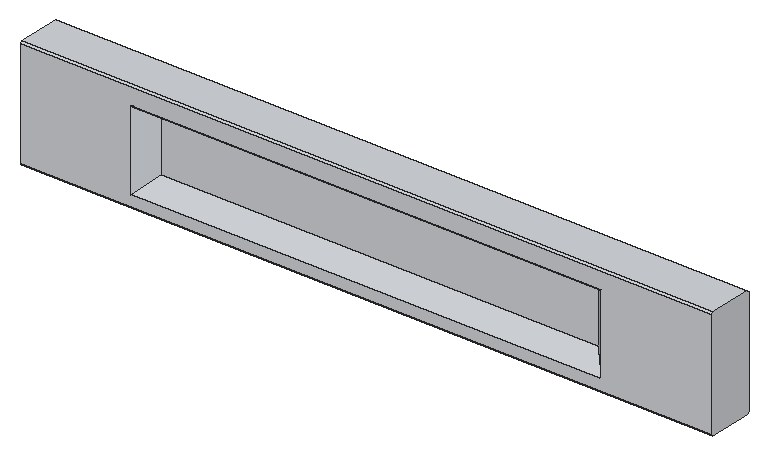
Revit family "IB_Precast-I Shaped Beam_Spæncom", category Structural Framing, Revit 2014
Parameters (values of type "IB30/72")
  Structural Material [instance] = none
  Mirror thickness = 80 mm
  Mirror top RB = 120 mm
  Mirror top IB = 80 mm
  Mirror Depth end = 110 mm
  Mirror base RB = 80 mm
  Mirror base IB = 110 mm
  Length RB-Profile (minimum value equals element height) = 720 mm
  Model = "IB 30/72"
  Manufacturer = "Spæncom"
  Length [instance] = 5000 mm
  Width element = 300 mm
  Height element = 720 mm
Types (12, lengths in mm): name | Mirror thickness | Mirror top RB | Mirror top IB | Mirror Depth end | Mirror base RB | Mirror base IB | Length RB-Profile (minimum value equals element height) | Model | Length | Width element | Height element
  IB30/60 | 80 | 100 | 80 | 110 | 80 | 110 | 600 | "IB30/60" | 3000 | 300 | 600
  IB36/60 | 140 | 100 | 80 | 110 | 80 | 110 | 600 | "IB 36/60" | 3000 | 360 | 600
  IB30/72 | 80 | 120 | 80 | 110 | 80 | 110 | 720 | "IB 30/72" | 5000 | 300 | 720
  IB36/72 | 140 | 120 | 80 | 110 | 80 | 110 | 720 | "IB 36/72" | 3000 | 360 | 720
  IB30/84 | 100 | 100 | 100 | 100 | 100 | 100 | 840 | "IB 30/84" | 3000 | 300 | 840
  IB36/84 | 160 | 100 | 100 | 100 | 100 | 100 | 840 | "IB 36/84" | 3000 | 360 | 840
  IB30/108 | 100 | 100 | 100 | 100 | 100 | 100 | 1080 | "IB 30/108" | 3000 | 300 | 1080
  IB36/108 | 160 | 100 | 100 | 100 | 100 | 100 | 1080 | "IB 36/108" | 3000 | 360 | 1080
  IB30/120 | 100 | 100 | 100 | 100 | 100 | 100 | 1200 | "IB 30/120" | 6000 | 300 | 1200
  IB36/120 | 160 | 100 | 100 | 100 | 100 | 100 | 1200 | "IB 36/120" | 3000 | 360 | 1200
  IB36/132 | 120 | 200 | 60 | 120 | 100 | 120 | 1320 | "IB 36/132" | 3000 | 360 | 1320
  IB42/132 | 180 | 200 | 60 | 120 | 100 | 120 | 1320 | "IB 42/132" | 3000 | 420 | 1320
Reference planes
  plane 1 "Center (Front/Back)": y = 0
  plane 2 "Center Elevation": z = 0
  plane 3 "Center (Left/Right)": x = 0
  plane 4 "Left": x = -2500
  plane 5 "Member Left": x = -2250
  plane 6 "Stick Symbol Left": x = -2000
  plane 7 "Right": x = 2500
  plane 8 "Member Right": x = 2250
  plane 9 "Stick Symbol Right": x = 2000
  plane 10: y = 150
  plane 11: y = -150
  plane 12: z = 360
  plane 13: z = -360
Forms (mm)
  Extrusion 1, solid, material <- "Structural Material"
    sketch origin (0, -60, 150) x (0, 1, 0) y (0, 0, 1)
      loop
        line (-80, 210) -> (-90, 200) -> (-90, -500) -> (-80, -510) -> (200, -510) -> (210, -500) -> (210, 200) -> (200, 210) -> (-80, 210)
    from -2250 to 2250
  Blend 2, void
    base sketch origin (2250, 150, -350) x (1, 0, 0) y (0, 0, 1)
      loop
        line (-830, 510) -> (-3670, 510) -> (-3670, 180) -> (-830, 180) -> (-830, 510)
    top sketch origin (2250, 150, -350) x (1, 0, 0) y (0, 0, 1)
      loop
        line (-720, 590) -> (-3780, 590) -> (-3780, 70) -> (-720, 70) -> (-720, 590)
    from 190 to 300
  Blend 3, void
    base sketch origin (1250, -150, 10) x (1, 0, 0) y (0, 0, -1)
      loop
        line (170, -150) -> (170, 180) -> (-2670, 180) -> (-2670, -150) -> (170, -150)
    top sketch origin (1250, -150, 10) x (1, 0, 0) y (0, 0, -1)
      loop
        line (280, -230) -> (280, 290) -> (-2780, 290) -> (-2780, -230) -> (280, -230)
    from 190 to 300
Cuts and joins
  Blend 2, Blend 3 cuts Extrusion 1
Dimensions and locks
  equal spacing: plane 4 "Left", plane 3 "Center (Left/Right)", plane 7 "Right"
  "Length": plane 4 "Left" to plane 7 "Right"
  "Mirror top RB": Blend 3 sketch curve to cut or joined group of Extrusion 1, Blend 2, Blend 3
  "Mirror top RB": Blend 2 sketch curve to cut or joined group of Extrusion 1, Blend 2, Blend 3
  "Length RB-Profile (minimum value equals element height)": Blend 3 sketch curve to cut or joined group of Extrusion 1, Blend 2, Blend 3  (x2)
  "Length RB-Profile (minimum value equals element height)": Blend 2 sketch curve to cut or joined group of Extrusion 1, Blend 2, Blend 3  (x2)
  "Width element": plane 10 to plane 11
  equal spacing: plane 10, plane 1 "Center (Front/Back)", plane 11
  equal spacing: plane 12, level, plane 13
  "Height element": plane 12 to plane 13
  "Mirror base RB": Blend 3 sketch curve to plane 13
  "Mirror base IB": Blend 3 sketch curve to var sketch
  "Mirror top IB": var sketch to Blend 3 sketch curve
  "Mirror Depth end": var sketch to Blend 3 sketch curve  (x2)
  "Mirror thickness": cut or joined group of Extrusion 1, Blend 2, Blend 3 to cut or joined group of Extrusion 1, Blend 2, Blend 3
  equal spacing: cut or joined group of Extrusion 1, Blend 2, Blend 3, plane 1 "Center (Front/Back)", cut or joined group of Extrusion 1, Blend 2, Blend 3
  "Mirror base RB": Blend 2 sketch curve to plane 13
  "Mirror base IB": Blend 2 sketch curve to var sketch
  "Mirror top IB": var sketch to Blend 2 sketch curve
  "Mirror Depth end": var sketch to Blend 2 sketch curve  (x2)
  aligned and locked: plane 5 "Member Left" to Extrusion 1
  aligned and locked: Extrusion 1 to plane 8 "Member Right"
  aligned and locked: level to plane 2 "Center Elevation"
  aligned and locked: Extrusion 1 to Blend 3
  aligned and locked: Extrusion 1 to Blend 2
  aligned and locked: plane 12 to cut or joined group of Extrusion 1, Blend 2, Blend 3
  aligned and locked: plane 11 to cut or joined group of Extrusion 1, Blend 2, Blend 3
  aligned and locked: plane 10 to cut or joined group of Extrusion 1, Blend 2, Blend 3
  aligned and locked: Blend 2 to plane 11
  aligned and locked: plane 10 to Blend 3
Automatic sketch dimensions
  Extrusion 1 sketch curve to plane 11 = 0 mm
  Extrusion 1 sketch curve to plane 12 = 0 mm
  Extrusion 1 sketch curve to plane 13 = 0 mm
  Extrusion 1 sketch curve to plane 10 = 0 mm
  plane 11 to Extrusion 1 sketch curve = 10 mm  (x2)
  Extrusion 1 sketch curve to plane 10 = 10 mm  (x2)
  plane 13 to Extrusion 1 sketch curve = 10 mm  (x2)
  Extrusion 1 sketch curve to plane 12 = 10 mm  (x2)
